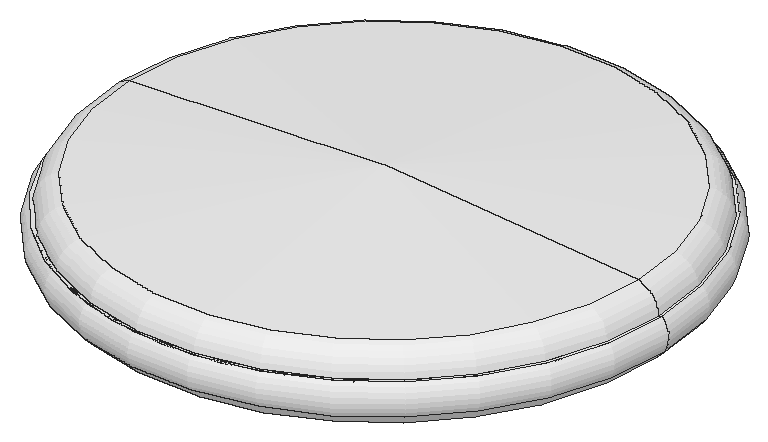
Revit family "Shower_Head-Grohe-26409_Series", category Plumbing Fixtures, host Face, Revit 2018
Family settings
  Host = Face
  Round Connector Dimension = Use Diameter
  Part Type = Normal
  OmniClass Number = 23.45.05.14.17
  OmniClass Title = Showers
  Cut with Voids When Loaded = No
  Shared = Yes
  Room Calculation Point = No
Parameters (values of type "26409000")
  Width = 8 1/4"
  Water Connection diameter = 1/2"  # constant formula
  Waste Connection = no
  Warranty Information = "Limited Lifetime Warranty"  # constant formula
  WFU = 2  # constant formula
  Vent Connection = no
  URL = "https://www.grohe.us/"
  Type Comments = ""
  Product Page URL = "https://www.grohe.us/Rain-Shower-Heads/210-Shower-Head-8-Inch-1-Spray-175-gpm/GROHE-CHROME-26409000"
  Product Documentation Link = "https://americanstandard.box.com/shared/static/y76x2jseo0vt7dxpv556r0xa0e7ypd1v.pdf"
  Price = "Prices may vary. Please consult Manufacturer Representative for most up-to-date price list."  # constant formula
  Model = "26409000"
  Material = "Metal-Grohe-000-Starlight Chrome"
  Manufacturer = "Grohe"  # constant formula
  Length = 8 1/4"
  Height = 2 1/2"
  HWFU = 1.5  # constant formula
  HW Connection = yes
  Flow Rate = "1.75 gpm"  # constant formula
  Description = "Shower Head 1 Spray"  # constant formula
  Default Elevation = 0"
  Creation Date = "03/23/2021"  # constant formula
  CWFU = 1.5  # constant formula
  CW Connection = yes
  Body Material = Metal-Grohe-000-Starlight Chrome
  Assembly Code = "D2010710"
Types (3): name | Product Page URL | Model | Material | Body Material
  (no name) | "https://www.grohe.us/Rain-Shower-Heads/210-Shower-Head-8-Inch-1-Spray-175-gpm/GROHE-CHROME-26409000" | "26409000" | "Metal-Grohe-000-Starlight Chrome" | Metal-Grohe-000-Starlight Chrome
  26409000 | "https://www.grohe.us/Rain-Shower-Heads/210-Shower-Head-8-Inch-1-Spray-175-gpm/GROHE-CHROME-26409000" | "26409000" | "Metal-Grohe-000-Starlight Chrome" | Metal-Grohe-000-Starlight Chrome
  26409EN0 | "https://www.grohe.us/Rain-Shower-Heads/210-Shower-Head-8-Inch-1-Spray-175-gpm/GROHE-BRUSHED-NICKEL-26409EN0" | "26409EN0" | "Metal-Grohe-EN0-Brushed Nickel Infinity Finish" | Metal-Grohe-EN0-Brushed Nickel Infinity Finish
Reference planes (in)
  plane 1 "Center (Front/Back)": y = 0
  plane 2: z = 0
  plane 3 "Center (Left/Right)": x = 0
  plane 4: z = 2.5
  plane 5: y = 4.125
  plane 6: y = -4.125
  plane 7: x = 4.125
  plane 8: x = -4.125
Forms (in)
  Revolve 1, solid, material "Metal-Grohe-000-Starlight Chrome" <- "Body Material"
    sketch origin (0, 0, 0) x (1, 0, 0) y (0, 0, 1)
      loop
        line (0, 0) -> (0, 2.5) -> (-3.68694, 2.29745)
        arc (-3.68694, 2.29745) -> (-3.89114, 2.16658) -> (-3.98084, 1.94124) r 0.3963
        line (-3.98084, 1.94124) -> (-4.02519, 1.94124)
        arc (-4.02519, 1.94124) -> (-4.12174, 1.72727) -> (-4.05825, 1.50128) r 0.34335
        arc (-4.05825, 1.50128) -> (-3.8573, 1.31611) -> (-3.59947, 1.22561) r 0.67607
        arc (-3.59947, 1.22561) -> (-2.44343, 1.10735) -> (-1.28218, 1.06357) r 18.08807
        arc (-1.28218, 1.06357) -> (-0.94448, 0.94624) -> (-0.74893, 0.64695) r 0.55352
        line (-0.74893, 0.64695) -> (-0.41015, 0.64695) -> (-0.41015, 0.56679) -> (-0.37243, 0.56679) -> (-0.37243, 0.45677) -> (-0.47931, 0.45677) -> (-0.47931, 0.40018) -> (-0.53118, 0.40018) -> (-0.53118, 0.04182) -> (-0.43059, 0.04182) -> (-0.43059, 0) -> (0, 0)
      axis (0, 0) -> (0, 2.5)
    angle from 0 to 360
Lines and regions (in)
  Masking region 1
    outline origin (0, 0, 0) x (1, 0, 0) y (0, 0, 1)
      loop
        line (0, 0) -> (0.43059, 0) -> (0.43059, 0.04182) -> (0.53118, 0.04182) -> (0.53118, 0.40018) -> (0.47931, 0.40018) -> (0.47931, 0.45677) -> (0.37243, 0.45677) -> (0.37243, 0.56679) -> (0.41015, 0.56679) -> (0.41015, 0.64695) -> (0.74893, 0.64695)
        arc (0.74893, 0.64695) -> (0.94448, 0.94624) -> (1.28218, 1.06357) r 0.55352
        arc (1.28218, 1.06357) -> (2.44343, 1.10735) -> (3.59947, 1.22561) r 18.08807
        arc (3.59947, 1.22561) -> (3.8573, 1.31611) -> (4.05825, 1.50128) r 0.67607
        arc (4.05825, 1.50128) -> (4.12174, 1.72727) -> (4.02519, 1.94124) r 0.34335
        line (4.02519, 1.94124) -> (3.98084, 1.94124)
        arc (3.98084, 1.94124) -> (3.89114, 2.16658) -> (3.68694, 2.29745) r 0.3963
        line (3.68694, 2.29745) -> (0, 2.5) -> (-3.68694, 2.29745)
        arc (-3.68694, 2.29745) -> (-3.89114, 2.16658) -> (-3.98084, 1.94124) r 0.3963
        line (-3.98084, 1.94124) -> (-4.02519, 1.94124)
        arc (-4.02519, 1.94124) -> (-4.12174, 1.72727) -> (-4.05825, 1.50128) r 0.34335
        arc (-4.05825, 1.50128) -> (-3.8573, 1.31611) -> (-3.59947, 1.22561) r 0.67607
        arc (-3.59947, 1.22561) -> (-2.44343, 1.10735) -> (-1.28218, 1.06357) r 18.08807
        arc (-1.28218, 1.06357) -> (-0.94448, 0.94624) -> (-0.74893, 0.64695) r 0.55352
        line (-0.74893, 0.64695) -> (-0.41015, 0.64695) -> (-0.41015, 0.56679) -> (-0.37243, 0.56679) -> (-0.37243, 0.45677) -> (-0.47931, 0.45677) -> (-0.47931, 0.40018) -> (-0.53118, 0.40018) -> (-0.53118, 0.04182) -> (-0.43059, 0.04182) -> (-0.43059, 0) -> (0, 0)
  symbolic lines, detail levels medium+fine
    curve 1: line (-0.53118, 0, 0.04182) -> (0.53118, 0, 0.04182)
    curve 2: line (-0.53118, 0, 0.40018) -> (0.53118, 0, 0.40018)
    curve 5: line (-0.74893, 0, 0.64695) -> (0.74893, 0, 0.64695)
  symbolic lines, detail levels fine
    curve 3: line (-0.47931, 0, 0.45677) -> (0.47931, 0, 0.45677)
    curve 4: line (-0.41015, 0, 0.56679) -> (0.41015, 0, 0.56679)
    curve 6: line (3.68694, 0, 2.29745) -> (-3.68694, 0, 2.29745)
    curve 7: line (-4.02519, 0, 1.94124) -> (4.02519, 0, 1.94124)
Dimensions and locks (in)
  "Width": plane 8 to plane 7
  "Length": plane 6 to plane 5
  "Height": plane 4 to host face
  aligned and locked: plane 2 to host face
  aligned and locked: level to host face
  aligned and locked: plane 3 "Center (Left/Right)" to Revolve 1 sketch curve
  aligned and locked: curve 1 to Revolve 1
  aligned and locked: curve 2 to Revolve 1
  aligned and locked: curve 3 to Revolve 1
  aligned and locked: curve 4 to Revolve 1
  aligned and locked: curve 5 to Revolve 1
  aligned and locked: curve 6 to Revolve 1
  aligned and locked: curve 7 to Revolve 1
Automatic sketch dimensions
  plane 8 to curve 7 = 0.09981"
  plane 8 to curve 6 = 0.43806"
  curve 5 to plane 3 "Center (Left/Right)" = 0.74893"
  curve 5 to curve 2 = 0.21775"
  curve 2 to curve 1 = 0"
  curve 2 to curve 3 = 0.05187"
  curve 3 to curve 4 = 0.06916"
  plane 3 "Center (Left/Right)" to curve 4 = 105/256"
  curve 4 to curve 3 = 0.06916"
  curve 3 to curve 1 = 0.05187"
  curve 3 to curve 2 = 0.05187"
  curve 2 to curve 5 = 0.21775"
  curve 6 to plane 7 = 0.43806"
  curve 7 to plane 7 = 0.09981"
  host sketch curve to host sketch curve = 96"  (x2)
  Revolve 1 sketch curve to level = 0"
  Revolve 1 sketch curve to plane 3 "Center (Left/Right)" = 0"
  Revolve 1 sketch curve to plane 4 = 0"
  Revolve 1 sketch curve to plane 3 "Center (Left/Right)" = 0.37243"
  Revolve 1 sketch curve to Revolve 1 sketch curve = 0.03772"
  level to Revolve 1 sketch curve = 0.04182"
  Revolve 1 sketch curve to Revolve 1 sketch curve = 0.05816"
  Revolve 1 sketch curve to Revolve 1 sketch curve = 0.10688"
  Revolve 1 sketch curve to Revolve 1 sketch curve = 0.05187"
  Revolve 1 sketch curve to Revolve 1 sketch curve = 0.21775"
  Revolve 1 sketch curve to plane 3 "Center (Left/Right)" = 1.18167"
  Revolve 1 sketch curve to Revolve 1 sketch curve = 0.53632"
  plane 8 to Revolve 1 sketch curve = 0.6159"
  Revolve 1 sketch curve to Revolve 1 sketch curve = 0.07635"
  plane 4 to Revolve 1 sketch curve = 0.20255"
  Revolve 1 sketch curve to Revolve 1 sketch curve = 0.10148"
  Revolve 1 sketch curve to Revolve 1 sketch curve = 0.19391"
  plane 8 to Revolve 1 sketch curve = 0.14416"
  Revolve 1 sketch curve to Revolve 1 sketch curve = 0.04435"
  Revolve 1 sketch curve to Revolve 1 sketch curve = 0.35836"
  Revolve 1 sketch curve to Revolve 1 sketch curve = 0.05658"
  level to Revolve 1 sketch curve = 0.51006"
  Revolve 1 sketch curve to Revolve 1 sketch curve = 0.11002"
  Revolve 1 sketch curve to Revolve 1 sketch curve = 0.08016"
  Revolve 1 sketch curve to Revolve 1 sketch curve = 0.59591"
  Revolve 1 sketch curve to Revolve 1 sketch curve = 0.19407"
  Revolve 1 sketch curve to Revolve 1 sketch curve = 0.01875"
  Revolve 1 sketch curve to plane 4 = 16.65136"
  Revolve 1 sketch curve to Revolve 1 sketch curve = 0"  (x2)
  Revolve 1 sketch curve to Revolve 1 sketch curve = 1.14695"
  Revolve 1 sketch curve to Revolve 1 sketch curve = 3/4"
  Masking region 1 sketch curve to level = 0"
  Masking region 1 sketch curve to plane 3 "Center (Left/Right)" = 0"  (x2)
  Masking region 1 sketch curve to plane 4 = 0"
  Masking region 1 sketch curve to plane 3 "Center (Left/Right)" = 0.37243"
  Masking region 1 sketch curve to Masking region 1 sketch curve = 0.03772"  (x2)
  Masking region 1 sketch curve to Masking region 1 sketch curve = 0.43059"
  Masking region 1 sketch curve to Masking region 1 sketch curve = 0.10688"  (x2)
  level to Masking region 1 sketch curve = 0.04182"  (x2)
  Masking region 1 sketch curve to Masking region 1 sketch curve = 0.10059"
  Masking region 1 sketch curve to Masking region 1 sketch curve = 0.21775"  (x2)
  Masking region 1 sketch curve to plane 3 "Center (Left/Right)" = 1.18167"
  Masking region 1 sketch curve to Masking region 1 sketch curve = 0.53632"  (x2)
  plane 8 to Masking region 1 sketch curve = 0.6159"
  Masking region 1 sketch curve to Masking region 1 sketch curve = 0.07635"  (x2)
  plane 4 to Masking region 1 sketch curve = 0.20255"  (x2)
  Masking region 1 sketch curve to Masking region 1 sketch curve = 0.10148"  (x2)
  Masking region 1 sketch curve to Masking region 1 sketch curve = 0.19391"  (x2)
  plane 8 to Masking region 1 sketch curve = 0.14416"
  Masking region 1 sketch curve to Masking region 1 sketch curve = 0.04435"  (x2)
  plane 3 "Center (Left/Right)" to Masking region 1 sketch curve = 0.37243"
  Masking region 1 sketch curve to Masking region 1 sketch curve = 0.05816"
  Masking region 1 sketch curve to Masking region 1 sketch curve = 0.05187"
  plane 3 "Center (Left/Right)" to Masking region 1 sketch curve = 1.18167"
  Masking region 1 sketch curve to plane 7 = 0.6159"
  Masking region 1 sketch curve to plane 7 = 0.14416"
  Masking region 1 sketch curve to Masking region 1 sketch curve = 0.35836"  (x2)
  Masking region 1 sketch curve to Masking region 1 sketch curve = 0.05658"  (x2)
  level to Masking region 1 sketch curve = 0.51006"  (x2)
  Masking region 1 sketch curve to Masking region 1 sketch curve = 0.11002"  (x2)
  Masking region 1 sketch curve to Masking region 1 sketch curve = 0.24677"
  Masking region 1 sketch curve to Masking region 1 sketch curve = 0.08016"
  Masking region 1 sketch curve to Masking region 1 sketch curve = 0.59591"  (x2)
  Masking region 1 sketch curve to Masking region 1 sketch curve = 0.19407"  (x2)
  Masking region 1 sketch curve to Masking region 1 sketch curve = 0.01875"  (x2)
  Masking region 1 sketch curve to plane 4 = 16.65136"
  Masking region 1 sketch curve to Masking region 1 sketch curve = 0"  (x5)
Connectors (in)
  piping at (0, 0, 0), diameter 0.5, driven by "Water Connection diameter"
    settings: on Revolve 1, index 1, connector inside diameter 24", connector length 0", flow factor 0, pipe flow 0 GPM, pressure drop 0.00 psi, fitting loss kfactor 0, connector angle 0.00°, fixture units 0, engagement length 0", angle of deflection 0.00°, flow configuration 0, flow direction 1, fitting loss method 0, system type 29, joint type 0, gender type 0, connector reference index -1, connector utility 0, adjustable connector no, is connector primary yes, connector description "1/2\" Tempered Water Connection"
